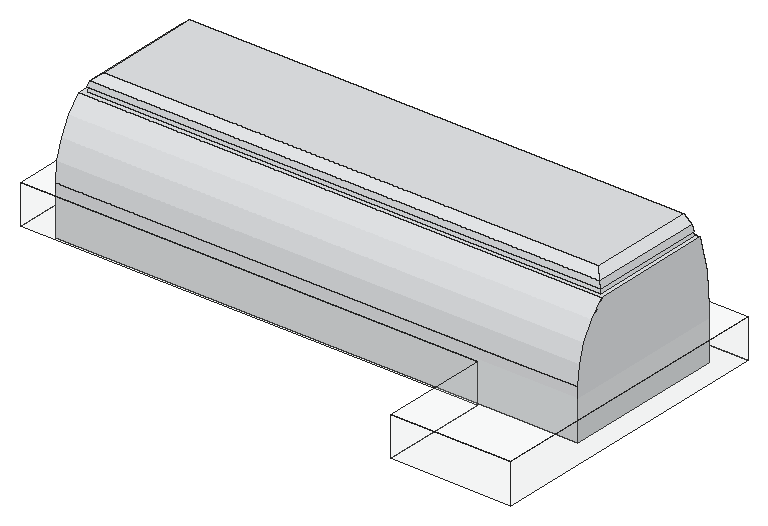
Revit family "Air_Conditioner-Mitsubishi_Electric-Wall_Mounted-PKA_Series", category Mechanical Equipment, Revit 2012
Parameters (values of type "36000 Btu/h")
  z Visible Small Grille [instance] = or(z Type Cabinet = 1, z Type Cabinet = 2)  # no
  z Visible Large Grille [instance] = z Type Cabinet = 3  # yes
  z Type Size = 36
  z Type Electrical [instance] = if(Voltage is 208, 208, if(Voltage is 230, 230, 0))  # 208
  z Type Cabinet = if(z Type Size = 6, 1, if(or(z Type Size = 8, z Type Size = 12, z Type Size = 15, z Type Size = 18), 2, if(or(z Type Size = 24, z Type Size = 30, z Type Size = 36), 3, 0)))  # 3
  z Type = 2
  z Top Edge Height [instance] = if(z Type Cabinet = 1, 1.4380", if(z Type Cabinet = 2, 1.0000", if(z Type Cabinet = 3, 0.9380", 0.0000")))  # 0.9380"
  z Top Edge Depth = if(z Type Cabinet = 1, 8.1880", if(z Type Cabinet = 2, 9.0630", if(z Type Cabinet = 3, 10.3250", 0.0000")))  # 10.3250"
  z Grille Depth [instance] = if(z Type Cabinet = 1, 0.8750", if(z Type Cabinet = 2, 1.0630", if(z Type Cabinet = 3, 1.5000", 0.0000")))  # 1.5000"
  z Flat Depth [instance] = if(z Type Cabinet = 1, 3.0000", if(z Type Cabinet = 2, 3.0630", if(z Type Cabinet = 3, 4.3750", 0.0000")))  # 4.3750"
  z Clearance Shape Offset [instance] = if(z Type Cabinet = 1, 0.9380", 0.0000")  # 0.0000"
  z Clearance Depth Top [instance] = if(z Type Cabinet = 1, 2.0000", if(z Type Cabinet = 2, 2.0000", if(z Type Cabinet = 3, 1.8750", 0.0000")))  # 1.8750"
  z Clearance Depth Right [instance] = if(z Type Cabinet = 1, 0.8130", if(z Type Cabinet = 2, 5.8750", if(z Type Cabinet = 3, 2.0000", 0.0000")))  # 2.0000"
  z Clearance Depth Left [instance] = if(z Type Cabinet = 1, 0.8750", if(z Type Cabinet = 2, 2.0000", if(z Type Cabinet = 3, 2.8750", 0.0000")))  # 2.8750"
  z Clearance Depth Bottom Right [instance] = if(z Type Cabinet = 1, 0.9380", if(z Type Cabinet = 2, 9.8130", if(z Type Cabinet = 3, 9.8750", 0.0000")))  # 9.8750"
  z Clearance Depth Bottom Left [instance] = if(z Type Cabinet = 1, 0.9380", if(z Type Cabinet = 2, 0.2500", if(z Type Cabinet = 3, 0.3130", 0.0000")))  # 0.3130"
  z Cabinet Width = if(z Type Cabinet = 1, 32.1880", if(z Type Cabinet = 2, 35.3130", if(z Type Cabinet = 3, 46.0630", 0.0000")))  # 46.0630"
  z Cabinet Height = if(z Type Cabinet = 3, 14.3750", 11.6250")  # 14.3750"
  z Bottom Edge Height [instance] = if(z Type Cabinet = 1, 1.8750", if(z Type Cabinet = 2, 2.0000", if(z Type Cabinet = 3, 2.5630", 0.0000")))  # 2.5630"
  z Bottom Edge Depth [instance] = if(z Type Cabinet = 1, 6.7500", if(z Type Cabinet = 2, 8.3750", if(z Type Cabinet = 3, 10.3250", 0.0000")))  # 10.3250"
  Width = z Cabinet Width  # 46.0630"
  Weight = if(z Type Cabinet = 1, 22.000 lbf, if(z Type Cabinet = 2, 29.000 lbf, if(z Type Cabinet = 3, 46.000 lbf, 0.000 lbf)))  # 46.000 lbf
  Voltage is 230 [instance] = no
  Voltage is 208 [instance] = not(Voltage is 230)  # yes
  Voltage [instance] = if(z Type Electrical = 208, 208 V, if(z Type Electrical = 230, 230 V, 0 V))  # 208 V
  URL = "http://www.mitsubishipro.com"
  Total Heating Capacity [instance] = if(z Type = 1, if(z Type Size = 6, 1963.58 VA, if(z Type Size = 6, 1963.58 VA, if(z Type Size = 8, 2637.64 VA, if(z Type Size = 8, 2637.64 VA, if(z Type Size = 12, 3956.46 VA, if(z Type Size = 12, 3956.46 VA, if(z Type Size = 15, 4982.21 VA, if(z Type Size = 15, 4982.21 VA, if(z Type Size = 18, 5861.42 VA, if(z Type Size = 18, 5861.42 VA, if(z Type Size = 24, 7912.92 VA, if(z Type Size = 24, 7912.92 VA, if(z Type Size = 30, 9964.42 VA, if(z Type Size = 30, 9964.42 VA, 0 VA)))))))))))))), if(z Type = 2, if(z Type Size = 12, 0 VA, if(z Type Size = 12, 0 VA, if(z Type Size = 18, 5568.35 VA, if(z Type Size = 18, 5568.35 VA, if(z Type Size = 24, 7619.85 VA, if(z Type Size = 24, 7619.85 VA, if(z Type Size = 30, 9378.27 VA, if(z Type Size = 30, 9378.27 VA, if(z Type Size = 36, 10843.6 VA, if(z Type Size = 36, 10843.6 VA, 0 VA)))))))))), 0 VA))  # 37000.0 Btu/h
  Total Cooling Capacity [instance] = if(z Type = 1, if(z Type Size = 6, 1758.43 VA, if(z Type Size = 6, 1758.43 VA, if(z Type Size = 8, 2344.57 VA, if(z Type Size = 8, 2344.57 VA, if(z Type Size = 12, 3516.85 VA, if(z Type Size = 12, 3516.85 VA, if(z Type Size = 15, 4396.07 VA, if(z Type Size = 15, 4396.07 VA, if(z Type Size = 18, 5275.28 VA, if(z Type Size = 18, 5275.28 VA, if(z Type Size = 24, 7033.71 VA, if(z Type Size = 24, 7033.71 VA, if(z Type Size = 30, 8792.13 VA, if(z Type Size = 30, 8792.13 VA, 0 VA)))))))))))))), if(z Type = 2, if(z Type Size = 12, 3516.85 VA, if(z Type Size = 12, 3516.85 VA, if(z Type Size = 18, 5275.28 VA, if(z Type Size = 18, 5275.28 VA, if(z Type Size = 24, 7033.71 VA, if(z Type Size = 24, 7033.71 VA, if(z Type Size = 30, 8792.13 VA, if(z Type Size = 30, 8792.13 VA, if(z Type Size = 36, 10023 VA, if(z Type Size = 36, 10023 VA, 0 VA)))))))))), 0 VA))  # 34200.0 Btu/h
  Sound Pressure Level = if(z Type Size = 6, 36, if(z Type Size = 8, 43, if(z Type Size = 12, 42, if(z Type Size = 15, 43, if(z Type Size = 18, 45, if(z Type Size = 24, 49, if(z Type Size = 30, 49, 0)))))))  # 0
  Provide Feedback = "https://www.surveymonkey.com/s/ZNF8NG2"
  Product Page URL = "http://usa.mylinkdrive.com/m/PKA-A36KA4"
  Product Material = Powdercoat - Mitsubishi - White
  Product Documentation Link = "http://usa.mylinkdrive.com/uploads/documents/1388/document/PKA-A36KA4_PUZ-A36NHA4_(-BS)_Submittal.pdf"
  Power Factor = 1
  Part Number [instance] = Model  # "PKA-A36KA4"
  Part Description [instance] = Description  # "Mitsubishi Electric 34200 Btu/h, Wall Mounted, PKA Series Air Conditioner"
  Original Creation Date = "September 18, 2013"  # constant formula
  Model Disclaimer = "For More Information, Contact Mitsubishi Electric"  # constant formula
  Model = if(z Type = 1, if(z Type Size = 6, "PKFY-P06NBMU-E2", if(z Type Size = 6, "PKFY-P06NBMU-E2", if(z Type Size = 8, "PKFY-P08NHMU-E2", if(z Type Size = 8, "PKFY-P08NHMU-E2", if(z Type Size = 12, "PKFY-P12NHMU-E2", if(z Type Size = 12, "PKFY-P12NHMU-E2", if(z Type Size = 15, "PKFY-P15NHMU-E2", if(z Type Size = 15, "PKFY-P15NHMU-E2", if(z Type Size = 18, "PKFY-P18NHMU-E2", if(z Type Size = 18, "PKFY-P18NHMU-E2", if(z Type Size = 24, "PKFY-P24NKMU-E2", if(z Type Size = 24, "PKFY-P24NKMU-E2", if(z Type Size = 30, "PKFY-P30NKMU-E2", if(z Type Size = 30, "PKFY-P30NKMU-E2", "Not Available")))))))))))))), if(z Type = 2, if(z Type Size = 12, "PKA-A12KA4", if(z Type Size = 12, "PKA-A12KA4", if(z Type Size = 18, "PKA-A18KA4", if(z Type Size = 18, "PKA-A18KA4", if(z Type Size = 24, "PKA-A24KA4", if(z Type Size = 24, "PKA-A24KA4", if(z Type Size = 30, "PKA-A30KA4", if(z Type Size = 30, "PKA-A30KA4", if(z Type Size = 36, "PKA-A36KA4", if(z Type Size = 36, "PKA-A36KA4", "Not Available")))))))))), "Not Available"))  # "PKA-A36KA4"
  Minimum Circuit Ampacity = if(z Type = 1, if(z Type Cabinet = 1, 0.19 A, if(z Type Cabinet = 2, 0.38 A, if(z Type Cabinet = 3, 0.63 A, 0 A))), 1 A)  # 1 A
  Maximum Overcurrent Protection = if(z Type = 2, if(z Type Size = 24, 25 A, if(or(z Type Size = 30, z Type Size = 36), 30 A, 0 A)), 15 A)  # 30 A
  Manufacturer = "Mitsubishi Electric"  # constant formula
  Load Classification = none
  Height = z Cabinet Height  # 14.3750"
  Has Clearance Area [instance] = yes
  Frequency = 60 Hz  # constant formula
  Family Version = "1.0.0"  # constant formula
  Equipment Number [instance] = ""
  Equipment Abbreviation = "AC"
  Description = if(z Type = 1, if(z Type Size = 6, "Mitsubishi Electric 6000 Btu/h, Wall Mounted, PKFY Series Air Conditioner", if(z Type Size = 6, "Mitsubishi Electric 6000 Btu/h, Wall Mounted, PKFY Series Air Conditioner", if(z Type Size = 8, "Mitsubishi Electric 8000 Btu/h, Wall Mounted, PKFY Series Air Conditioner", if(z Type Size = 8, "Mitsubishi Electric 8000 Btu/h, Wall Mounted, PKFY Series Air Conditioner", if(z Type Size = 12, "Mitsubishi Electric 12000 Btu/h, Wall Mounted, PKFY Series Air Conditioner", if(z Type Size = 12, "Mitsubishi Electric 12000 Btu/h, Wall Mounted, PKFY Series Air Conditioner", if(z Type Size = 15, "Mitsubishi Electric 15000 Btu/h, Wall Mounted, PKFY Series Air Conditioner", if(z Type Size = 15, "Mitsubishi Electric 15000 Btu/h, Wall Mounted, PKFY Series Air Conditioner", if(z Type Size = 18, "Mitsubishi Electric 18000 Btu/h, Wall Mounted, PKFY Series Air Conditioner", if(z Type Size = 18, "Mitsubishi Electric 18000 Btu/h, Wall Mounted, PKFY Series Air Conditioner", if(z Type Size = 24, "Mitsubishi Electric 24000 Btu/h, Wall Mounted, PKFY Series Air Conditioner", if(z Type Size = 24, "Mitsubishi Electric 24000 Btu/h, Wall Mounted, PKFY Series Air Conditioner", if(z Type Size = 30, "Mitsubishi Electric 30000 Btu/h, Wall Mounted, PKFY Series Air Conditioner", if(z Type Size = 30, "Mitsubishi Electric 30000 Btu/h, Wall Mounted, PKFY Series Air Conditioner", "Not Available")))))))))))))), if(z Type = 2, if(z Type Size = 12, "Mitsubishi Electric 12000 Btu/h, Wall Mounted, PKA Series Air Conditioner", if(z Type Size = 12, "Mitsubishi Electric 12000 Btu/h, Wall Mounted, PKA Series Air Conditioner", if(z Type Size = 18, "Mitsubishi Electric 18000 Btu/h, Wall Mounted, PKA Series Air Conditioner", if(z Type Size = 18, "Mitsubishi Electric 18000 Btu/h, Wall Mounted, PKA Series Air Conditioner", if(z Type Size = 24, "Mitsubishi Electric 24000 Btu/h, Wall Mounted, PKA Series Air Conditioner", if(z Type Size = 24, "Mitsubishi Electric 24000 Btu/h, Wall Mounted, PKA Series Air Conditioner", if(z Type Size = 30, "Mitsubishi Electric 30000 Btu/h, Wall Mounted, PKA Series Air Conditioner", if(z Type Size = 30, "Mitsubishi Electric 30000 Btu/h, Wall Mounted, PKA Series Air Conditioner", if(z Type Size = 36, "Mitsubishi Electric 34200 Btu/h, Wall Mounted, PKA Series Air Conditioner", if(z Type Size = 36, "Mitsubishi Electric 34200 Btu/h, Wall Mounted, PKA Series Air Conditioner", "Not Available")))))))))), "Not Available"))  # "Mitsubishi Electric 34200 Btu/h, Wall Mounted, PKA Series Air Conditioner"
  Depth = z Top Edge Depth  # 10.3250"
  Default Elevation = 48.0000"
  Date Last Modified = "September 18, 2013"  # constant formula
  Copyright = "Copyright © 2013 Mitsubishi Electric"  # constant formula
  Apparent Load [instance] = Voltage * Minimum Circuit Ampacity  # 208 VA
Types (6): name | z Visible Small Grille | z Visible Large Grille | z Type Size | z Type Cabinet | z Top Edge Height | z Top Edge Depth | z Grille Depth | z Flat Depth | z Clearance Depth Top | z Clearance Depth Right | z Clearance Depth Left | z Clearance Depth Bottom Right | z Clearance Depth Bottom Left | z Cabinet Width | z Cabinet Height | z Bottom Edge Height | z Bottom Edge Depth | Width | Weight | Total Heating Capacity | Total Cooling Capacity | Sound Pressure Level | Product Page URL | Product Documentation Link | Part Number | Part Description | Model | Maximum Overcurrent Protection | Height | Description | Depth
  (no name) | yes | no | 12 | 2 | 1.0000" | 9.0630" | 1.0630" | 3.0630" | 2.0000" | 5.8750" | 2.0000" | 9.8130" | 0.2500" | 35.3130" | 11.6250" | 2.0000" | 8.3750" | 35.3130" | 29.000 lbf | 0.0 Btu/h | 12000.0 Btu/h | 42 | "http://usa.mylinkdrive.com/m/PKA-A12HA4" | "http://usa.mylinkdrive.com/uploads/documents/489/document/PKA-A12HA4_PUY-A12NHA4_(-BS)_Submittal-GOLD.pdf" | "PKA-A12KA4" | "Mitsubishi Electric 12000 Btu/h, Wall Mounted, PKA Series Air Conditioner" | "PKA-A12KA4" | 0 A | 11.6250" | "Mitsubishi Electric 12000 Btu/h, Wall Mounted, PKA Series Air Conditioner" | 9.0630"
  12000 Btu/h | yes | no | 12 | 2 | 1.0000" | 9.0630" | 1.0630" | 3.0630" | 2.0000" | 5.8750" | 2.0000" | 9.8130" | 0.2500" | 35.3130" | 11.6250" | 2.0000" | 8.3750" | 35.3130" | 29.000 lbf | 0.0 Btu/h | 12000.0 Btu/h | 42 | "http://usa.mylinkdrive.com/m/PKA-A12HA4" | "http://usa.mylinkdrive.com/uploads/documents/489/document/PKA-A12HA4_PUY-A12NHA4_(-BS)_Submittal-GOLD.pdf" | "PKA-A12KA4" | "Mitsubishi Electric 12000 Btu/h, Wall Mounted, PKA Series Air Conditioner" | "PKA-A12KA4" | 0 A | 11.6250" | "Mitsubishi Electric 12000 Btu/h, Wall Mounted, PKA Series Air Conditioner" | 9.0630"
  18000 Btu/h | yes | no | 18 | 2 | 1.0000" | 9.0630" | 1.0630" | 3.0630" | 2.0000" | 5.8750" | 2.0000" | 9.8130" | 0.2500" | 35.3130" | 11.6250" | 2.0000" | 8.3750" | 35.3130" | 29.000 lbf | 19000.0 Btu/h | 18000.0 Btu/h | 45 | "http://usa.mylinkdrive.com/m/PKA-A18HA4" | "http://usa.mylinkdrive.com/uploads/documents/1384/document/PKA-A18HA4_PUY-A18NHA4_(-BS)_Submittal-GOLD.pdf" | "PKA-A18KA4" | "Mitsubishi Electric 18000 Btu/h, Wall Mounted, PKA Series Air Conditioner" | "PKA-A18KA4" | 0 A | 11.6250" | "Mitsubishi Electric 18000 Btu/h, Wall Mounted, PKA Series Air Conditioner" | 9.0630"
  24000 Btu/h | no | yes | 24 | 3 | 0.9380" | 10.3250" | 1.5000" | 4.3750" | 1.8750" | 2.0000" | 2.8750" | 9.8750" | 0.3130" | 46.0630" | 14.3750" | 2.5630" | 10.3250" | 46.0630" | 46.000 lbf | 26000.0 Btu/h | 24000.0 Btu/h | 49 | "http://usa.mylinkdrive.com/m/PKA-A24KA4.TH" | "http://usa.mylinkdrive.com/uploads/documents/506/document/PKA-A24KA4_PUY-A24NHA4_(-BS)_Submittal.pdf" | "PKA-A24KA4" | "Mitsubishi Electric 24000 Btu/h, Wall Mounted, PKA Series Air Conditioner" | "PKA-A24KA4" | 25 A | 14.3750" | "Mitsubishi Electric 24000 Btu/h, Wall Mounted, PKA Series Air Conditioner" | 10.3250"
  30000 Btu/h | no | yes | 30 | 3 | 0.9380" | 10.3250" | 1.5000" | 4.3750" | 1.8750" | 2.0000" | 2.8750" | 9.8750" | 0.3130" | 46.0630" | 14.3750" | 2.5630" | 10.3250" | 46.0630" | 46.000 lbf | 32000.0 Btu/h | 30000.0 Btu/h | 49 | "http://usa.mylinkdrive.com/m/PKA-A30KA4.TH" | "http://usa.mylinkdrive.com/uploads/documents/3281/document/PKA-A30KA4-PUZ-HA30NHA4_(-BS)_Submittal.pdf" | "PKA-A30KA4" | "Mitsubishi Electric 30000 Btu/h, Wall Mounted, PKA Series Air Conditioner" | "PKA-A30KA4" | 30 A | 14.3750" | "Mitsubishi Electric 30000 Btu/h, Wall Mounted, PKA Series Air Conditioner" | 10.3250"
  36000 Btu/h | no | yes | 36 | 3 | 0.9380" | 10.3250" | 1.5000" | 4.3750" | 1.8750" | 2.0000" | 2.8750" | 9.8750" | 0.3130" | 46.0630" | 14.3750" | 2.5630" | 10.3250" | 46.0630" | 46.000 lbf | 37000.0 Btu/h | 34200.0 Btu/h | 0 | "http://usa.mylinkdrive.com/m/PKA-A36KA4" | "http://usa.mylinkdrive.com/uploads/documents/1388/document/PKA-A36KA4_PUZ-A36NHA4_(-BS)_Submittal.pdf" | "PKA-A36KA4" | "Mitsubishi Electric 34200 Btu/h, Wall Mounted, PKA Series Air Conditioner" | "PKA-A36KA4" | 30 A | 14.3750" | "Mitsubishi Electric 34200 Btu/h, Wall Mounted, PKA Series Air Conditioner" | 10.3250"
Reference planes (in)
  plane 1 "Center (Front/Back)": y = 0
  plane 2 "Ref Level": z = 0
  plane 3 "Center (Left/Right)": x = 0
  plane 4: x = -23.0315
  plane 5: y = -7.1875
  plane 6: y = 7.1875
  plane 7: x = 23.0315
  plane 8: y = -4.6245
  plane 9: y = 6.2495
  plane 10: z = 0
  plane 11: z = 10.325
  plane 12: z = 10.325
  plane 13: z = 4.375
  plane 14: x = -25.9065
  plane 15: x = 25.0315
  plane 16: y = -7.5005
  plane 17: y = -17.0625
  plane 18: y = 9.0625
  plane 19: x = 14.4065
  plane 20: x = 14.4065
  plane 21: x = 14.4065
  plane 22: z = 3.5
  plane 23: x = 17.0315
  plane 24: x = 19.0315
  plane 25: x = 18.0315
  plane 26: y = -4.5625
  plane 27: y = -5.9375
  plane 28: y = -6.5625
Forms (in)
  Extrusion 1, solid, material "Powdercoat - Mitsubishi - White" <- "Product Material"
    sketch origin (0, 0, 0) x (0, 1, 0) y (0, 0, 1)
      loop
        line (-7.1875, 0) -> (7.1875, 0) -> (7.1875, 4.375)
        arc (7.1875, 4.375) -> (6.95156, 7.38674) -> (6.2495, 10.325) r 19.34027
        line (6.2495, 10.325) -> (-4.6245, 10.325)
        arc (-4.6245, 10.325) -> (-6.5195, 7.61427) -> (-7.1875, 4.375) r 8.18796
        line (-7.1875, 4.375) -> (-7.1875, 0)
    from -23.0315 to 23.0315
  Extrusion 2, solid, material "Powdercoat - Mitsubishi - White" <- "Product Material", visible <- "z Visible Large Grille"
    sketch origin (0, 6.2495, 10.325) x (0, -1, 0) y (0, 0, -1)
      loop
        line (10.874, -1.5) -> (10.874, 0) -> (0, 0) -> (0, -1.5) -> (10.874, -1.5)
    from -23.0315 to 23.0315
  Sweep 3, void
    path in 3D
      loop
        line (23.0315, 6.2495, 10.325) -> (23.0315, -4.6245, 10.325) -> (-23.0315, -4.6245, 10.325) -> (-23.0315, 6.2495, 10.325)
    profile origin (0, -4.6245, 10.325) x (0, -1, 0) y (0, 0, 1)
      loop
        line (0.5, 0) -> (0.5, 2) -> (-1.51033, 2) -> (-1.51033, 1.67428) -> (-0.51181, 0.92028) -> (-0.40002, 0.39764) -> (-0.49844, 0.39764) -> (-0.41339, 0) -> (0.5, 0)
  Sweep 4, void
    path in 3D
      loop
        line (-23.0315, 6.2495, 10.325) -> (23.0315, 6.2495, 10.325)
    profile origin (0, 6.2495, 10.325) x (0, 1, 0) y (0, 0, 1)
      loop
        line (-0.23622, 2) -> (-0.23622, 0.39764) -> (-0.39764, 0.39764) -> (0.5, -0.5) -> (0.5, 2) -> (-0.23622, 2)
  Extrusion 5, solid, material "Powdercoat - Mitsubishi - White" <- "Product Material", visible <- "z Visible Small Grille"
    sketch origin (0, 6.2495, 10.325) x (0, -1, 0) y (0, 0, -1)
      loop
        line (10.874, -1.5) -> (10.874, 0) -> (0, 0) -> (0, -1.5) -> (10.874, -1.5)
    from -23.0315 to 23.0315
  Sweep 6, void
    path in 3D
      loop
        line (-23.0315, -4.6245, 10.325) -> (-23.0315, 6.2495, 10.325) -> (23.0315, 6.2495, 10.325) -> (23.0315, -4.6245, 10.325) -> (-23.0315, -4.6245, 10.325)
    profile origin (0, -4.6245, 10.325) x (0, -1, 0) y (0, 0, 1)
      loop
        line (0.44094, 0) -> (0.44094, 1.563) -> (-1.87008, 1.563) -> (-0.05906, 0.55118) -> (-0.05906, 0.27559) -> (-0.19685, 0.27559) -> (-0.19685, 0) -> (0.44094, 0)
  Extrusion 7, solid, material "Clearance Areas", visible <- "Has Clearance Area"
    sketch origin (0, 0, 0) x (1, 0, 0) y (0, 1, 0)
      loop
        line (-25.9065, 9.0625) -> (-25.9065, -7.5005) -> (14.4065, -7.5005) -> (14.4065, -17.0625) -> (25.0315, -17.0625) -> (25.0315, 9.0625) -> (-25.9065, 9.0625)
    from 0 to 3.5
  Extrusion 8, solid, material "Powdercoat - Mitsubishi - White" <- "Product Material"
    sketch origin (0, 0, 0) x (1, 0, 0) y (0, 1, 0)
      loop
        circle (17.0315, -6.5625) r 0.625
      loop
        circle (19.0315, -5.9375) r 0.1875
      loop
        circle (18.0315, -4.5625) r 0.3125
    from 0 to 4.375
Cuts and joins
  Sweep 3, Sweep 4 cuts Extrusion 2
  Sweep 6 cuts Extrusion 5
  joined: Extrusion 1, Extrusion 8
Lines and regions (in)
  Masking region 1
    outline origin (0, 0, 0) x (1, 0, 0) y (0, 0, 1)
      loop
        line (-23.0315, 10.325) -> (-23.0315, 0) -> (23.0315, 0) -> (23.0315, 10.325) -> (-23.0315, 10.325)
  reference lines
    curve 1: line (0, 6.2495, 10.325) -> (0, -4.6245, 10.325)
    curve 2: line (-23.0315, 6.2495, 10.325) -> (23.0315, 6.2495, 10.325)
    curve 3: line (-23.0315, -4.6245, 10.325) -> (-23.0315, 6.2495, 10.325)
    curve 4: line (23.0315, -4.6245, 10.325) -> (-23.0315, -4.6245, 10.325)
    curve 5: line (23.0315, 6.2495, 10.325) -> (23.0315, -4.6245, 10.325)
  sketch lines
    curve 6: line (23.0315, -4.6245, 10.325) -> (-23.0315, -4.6245, 10.325)
    curve 7: line (-23.0315, -4.6245, 10.325) -> (-23.0315, 6.2495, 10.325)
    curve 8: line (23.0315, 6.2495, 10.325) -> (23.0315, -4.6245, 10.325)
    curve 9: line (-23.0315, 6.2495, 10.325) -> (23.0315, 6.2495, 10.325)
    curve 10: line (23.0315, -4.6245, 10.325) -> (-23.0315, -4.6245, 10.325)
    curve 11: line (-23.0315, -4.6245, 10.325) -> (-23.0315, 6.2495, 10.325)
    curve 12: line (-23.0315, 6.2495, 10.325) -> (23.0315, 6.2495, 10.325)
    curve 13: line (23.0315, 6.2495, 10.325) -> (23.0315, -4.6245, 10.325)
  symbolic lines, style "Clearance Areas", visible <- "Has Clearance Area"
    curve 14: line (-25.9065, 0, 3.5) -> (25.0315, 0, 3.5)
    curve 15: line (-25.9065, 0, 0) -> (-25.9065, 0, 3.5)
    curve 16: line (25.0315, 0, 0) -> (-25.9065, 0, 0)
    curve 17: line (25.0315, 0, 3.5) -> (25.0315, 0, 0)
    curve 18: line (0, -17.0625, 3.5) -> (0, 9.0625, 3.5)
    curve 19: line (0, -17.0625, 0) -> (0, -17.0625, 3.5)
    curve 20: line (0, 9.0625, 0) -> (0, -17.0625, 0)
    curve 21: line (0, 9.0625, 3.5) -> (0, 9.0625, 0)
    curve 22: line (-25.9065, 9.0625, 0) -> (25.0315, 9.0625, 0)
    curve 23: line (-25.9065, -7.5005, 0) -> (-25.9065, 9.0625, 0)
    curve 24: line (14.4065, -7.5005, 0) -> (-25.9065, -7.5005, 0)
    curve 25: line (25.0315, 9.0625, 0) -> (25.0315, -17.0625, 0)
    curve 26: line (14.4065, -17.0625, 0) -> (14.4065, -7.5005, 0)
    curve 27: line (25.0315, -17.0625, 0) -> (14.4065, -17.0625, 0)
Dimensions and locks (in)
  equal spacing: plane 5, plane 1 "Center (Front/Back)", plane 6
  "z Cabinet Height": plane 5 to plane 6
  "z Bottom Edge Height": plane 5 to plane 8
  "z Top Edge Height": plane 9 to plane 6
  "z Bottom Edge Depth": plane 11 to plane 10
  "z Top Edge Depth": plane 12 to plane 10
  plane 10 to plane 2 "Ref Level" = 0.0000"
  "z Flat Depth": plane 13 to plane 10
  equal spacing: plane 4, plane 3 "Center (Left/Right)", plane 7
  "z Cabinet Width": plane 4 to plane 7
  "z Grille Depth": Extrusion 5 sketch curve to curve 1
  "z Clearance Depth Top": plane 18 to plane 6
  "z Clearance Depth Left": plane 14 to plane 4
  "z Clearance Depth Right": plane 7 to plane 15
  "z Clearance Depth Bottom Left": plane 5 to plane 16
  "z Clearance Depth Bottom Right": plane 5 to plane 17
  equal spacing: plane 19, plane 20, plane 21
  "z Clearance Shape Offset": plane 19 to plane 21
  locked: plane 20 to plane 7 at 8.625
  locked: plane 22 to plane 10 at 3.5
  plane 24 to plane 7 = 4.0000"
  plane 25 to plane 7 = 5.0000"
  plane 23 to plane 7 = 6.0000"
  plane 28 to plane 5 = 0.6250"
  plane 27 to plane 5 = 1.2500"
  plane 26 to plane 5 = 2.6250"
  radius of Extrusion 8 sketch curve = 0.3125"
  radius of Extrusion 8 sketch curve = 0.1875"
  radius of Extrusion 8 sketch curve = 0.6250"
  aligned and locked: plane 2 "Ref Level" to level
  aligned and locked: plane 9 to Extrusion 1 sketch curve
  aligned and locked: plane 12 to Extrusion 1 sketch curve
  aligned and locked: plane 8 to Extrusion 1 sketch curve
  aligned and locked: plane 11 to Extrusion 1 sketch curve
  aligned and locked: plane 13 to Extrusion 1 sketch curve  (x2)
  aligned and locked: plane 5 to Extrusion 1 sketch curve
  aligned and locked: plane 10 to Extrusion 1 sketch curve
  aligned and locked: Extrusion 1 sketch curve to plane 6
  aligned and locked: plane 9 to curve 1
  aligned and locked: plane 12 to curve 1
  aligned and locked: curve 1 to Extrusion 2 sketch curve
  aligned and locked: Extrusion 2 sketch curve to curve 1  (x2)
  aligned and locked: plane 11 to curve 1
  aligned and locked: plane 8 to curve 1
  aligned and locked: plane 4 to Extrusion 1
  aligned and locked: Extrusion 1 to plane 7
  aligned and locked: curve 4 to curve 1
  aligned and locked: curve 2 to curve 1
  aligned and locked: curve 3 to plane 4
  aligned and locked: plane 7 to curve 5
  aligned and locked: plane 4 to cut or joined group of Extrusion 2, Sweep 3, Sweep 4
  aligned and locked: cut or joined group of Extrusion 2, Sweep 3, Sweep 4 to plane 7
  aligned and locked: Extrusion 5 sketch curve to Extrusion 1
  aligned and locked: Extrusion 5 sketch curve to curve 1  (x2)
  aligned and locked: plane 4 to Extrusion 5
  aligned and locked: Extrusion 5 to plane 7
  aligned and locked: Extrusion 7 sketch curve to plane 18
  aligned and locked: Extrusion 7 sketch curve to plane 14
  aligned and locked: plane 17 to Extrusion 7 sketch curve  (x2)
  aligned and locked: plane 15 to Extrusion 7 sketch curve
  aligned and locked: plane 21 to Extrusion 7 sketch curve
  aligned and locked: plane 19 to Extrusion 7 sketch curve
  aligned and locked: plane 16 to Extrusion 7 sketch curve
  aligned and locked: Extrusion 7 sketch curve to plane 16
  aligned and locked: Extrusion 7 to plane 10
  aligned and locked: plane 22 to Extrusion 7
  aligned and locked: Masking region 1 sketch curve to plane 4
  aligned and locked: plane 10 to Masking region 1 sketch curve
  aligned and locked: plane 7 to Masking region 1 sketch curve
  aligned and locked: Masking region 1 sketch curve to plane 12
  aligned and locked: plane 15 to curve 17
  aligned and locked: curve 15 to plane 14
  aligned and locked: curve 14 to plane 22
  aligned and locked: plane 10 to curve 16
  aligned and locked: curve 21 to plane 18
  aligned and locked: plane 17 to curve 19
  aligned and locked: curve 18 to plane 22
  aligned and locked: plane 10 to curve 20
  aligned and locked: plane 17 to curve 27
  aligned and locked: curve 23 to plane 14
  aligned and locked: curve 22 to plane 18
  aligned and locked: plane 15 to curve 25
  aligned and locked: plane 16 to curve 26
  aligned and locked: plane 19 to curve 26
  aligned and locked: plane 17 to curve 26
  aligned and locked: plane 21 to curve 26
  aligned and locked: plane 26 to Extrusion 8 sketch curve
  aligned and locked: plane 27 to Extrusion 8 sketch curve
  aligned and locked: plane 28 to Extrusion 8 sketch curve
  aligned and locked: plane 23 to Extrusion 8 sketch curve
  aligned and locked: plane 24 to Extrusion 8 sketch curve
  aligned and locked: plane 25 to Extrusion 8 sketch curve
  aligned and locked: plane 13 to Extrusion 8
  aligned and locked: Extrusion 8 to plane 10
Automatic sketch dimensions
  Sweep 3 sketch curve to profile plane = 0.0000"
  profile plane to Sweep 3 sketch curve = 0.40002"
  Sweep 3 sketch curve to Sweep 3 sketch curve = 0.01337"
  Sweep 3 sketch curve to Sweep 3 sketch curve = 0.09843"
  profile plane to Sweep 3 sketch curve = 0.51181"
  Sweep 3 sketch curve to Sweep 3 sketch curve = 0.99852"
  profile plane to Sweep 3 sketch curve = 0.39764"
  Sweep 3 sketch curve to Sweep 3 sketch curve = 0.52264"
  Sweep 3 sketch curve to Sweep 3 sketch curve = 0.75401"
  Sweep 3 sketch curve to Sweep 3 sketch curve = 1.07972"
  Sweep 3 sketch curve to profile plane = 0.5000"
  Sweep 4 sketch curve to profile plane = 0.5000"  (x2)
  Sweep 4 sketch curve to Sweep 4 sketch curve = 0.16142"
  profile plane to Sweep 4 sketch curve = 0.39764"
  profile plane to Sweep 4 sketch curve = 0.23622"
  Sweep 4 sketch curve to Sweep 4 sketch curve = 1.60236"
  Extrusion 2 sketch curve to curve 1 = 1.5000"
  Sweep 6 sketch curve to profile plane = 0.0000"
  Sweep 6 sketch curve to profile plane = 0.44094"
  profile plane to Sweep 6 sketch curve = 0.05906"
  profile plane to Sweep 6 sketch curve = 0.19685"
  profile plane to Sweep 6 sketch curve = 0.27559"
  Sweep 6 sketch curve to Sweep 6 sketch curve = 0.27559"
  profile plane to Sweep 6 sketch curve = 1.87008"
  profile plane to Sweep 6 sketch curve = 1.5630"
Connectors (in)
  electrical at (0, 0, 0), driven by "Load Classification", driven by "Voltage", driven by "Apparent Load", driven by "Power Factor"
    settings: on Extrusion 1, index 1, voltage 208 V, apparent load 208 VA, apparent load phase1 0 VA, apparent load phase2 0 VA, apparent load phase3 0 VA, power factor 1, load classification none, number of poles 1, system type 30, power factor state 1, is connector primary yes, connector utility no, sub classification motor no, connector description "Electrical Connection"
  piping at (17.0315, -6.5625, 0)
    settings: on Extrusion 8, index 2, connector radius 5/8", flow factor 0, pipe flow 0 GPM, pressure drop 0.00 psi, fitting loss kfactor 0, connector angle 0.00°, fixture units 0, engagement length 0.0000", flow configuration 0, flow direction 2, fitting loss method 0, system type 16, joint type 0, gender type 0, connector reference index -1, connector utility 0, adjustable connector no, is connector primary no, fitting loss table "", connector description "Drain"
  piping at (18.0315, -4.5625, 0)
    settings: on Extrusion 8, index 3, connector radius 5/16", flow factor 0, pipe flow 0 GPM, pressure drop 0.00 psi, fitting loss kfactor 0, connector angle 0.00°, fixture units 0, engagement length 0.0000", flow configuration 0, flow direction 2, fitting loss method 0, system type 22, joint type 0, gender type 0, connector reference index -1, connector utility 0, adjustable connector no, is connector primary no, fitting loss table "", connector description "Gas"
  piping at (19.0315, -5.9375, 0)
    settings: on Extrusion 8, index 4, connector radius 3/16", flow factor 0, pipe flow 0 GPM, pressure drop 0.00 psi, fitting loss kfactor 0, connector angle 0.00°, fixture units 0, engagement length 0.0000", flow configuration 0, flow direction 1, fitting loss method 0, system type 22, joint type 0, gender type 0, connector reference index -1, connector utility 0, adjustable connector no, is connector primary yes, fitting loss table "", connector description "Liquid"
